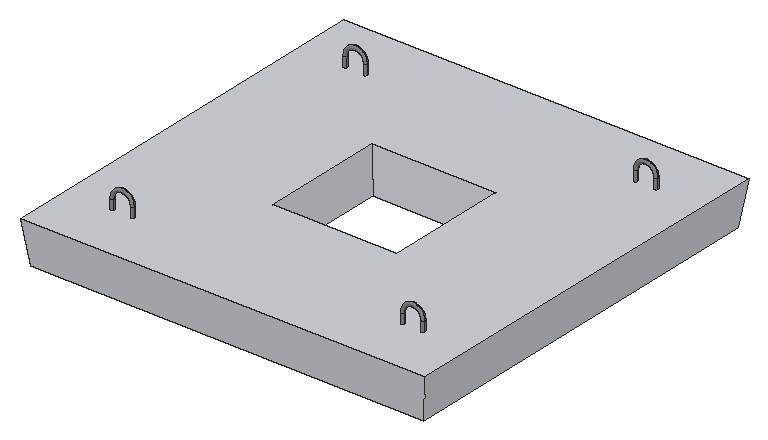
Revit family "110402-00066 Плита ПАКС 1,4х1,4 анкерная колодца связи", category Обобщенные модели, Revit 2019
Family settings
  Может служить основой для арматурных стержней = Нет
  Размер круглого соединителя = Использовать диаметр
  Тип детали = Нормальный
  На основе рабочей плоскости = Нет
  Всегда вертикально = Да
  При загрузке вырезать с полостями = Нет
  Общий = Нет
  Точка расчета площади = Нет
Parameters (values of type "Плита ПАКС 1,4х1,4 анкерная колодца связи ( В15)")
  ADSK_Ширина [instance] = 1400 mm
  ADSK_Ссылка на сайт = "https://www.ssd.ru/plita-paks-1-4kh1-4-ankernaya-kolodtsa-svyazi-v15-kkp-3"
  ADSK_Сертификат соответствия = "https://www.ssd.ru/upload/iblock/fde/sert_b15_0221.pdf"
  ADSK_Наименование = "Плита ПАКС 1,4х1,4 анкерная колодца связи ( В15)"
  ADSK_Масса = "720"
  ADSK_Марка бетона = "В15"
  ADSK_Марка = "ПАКС 1,4х1,4"
  ADSK_Код изделия = "110402-00066"
  ADSK_Изготовитель = "АО СВЯЗЬСТРОЙДЕТАЛЬ"
  ADSK_Длина [instance] = 1400 mm
  ADSK_Высота [instance] = 150 mm
Reference planes
  plane 1 "По центру (Вперед/Назад)": y = 0
  plane 2: z = 0
  plane 3 "По центру (Влево/Вправо)": x = 0
  plane 4: x = -700
  plane 5: x = 700
  plane 6: y = 700
  plane 7: y = -700
  plane 8: z = 150
Forms (mm)
  Extrusion 1, solid
    sketch origin (0, 0, 0) x (1, 0, 0) y (0, 1, 0)
      loop
        line (-700, 700) -> (-700, -700) -> (700, -700) -> (700, 700) -> (-700, 700)
    from 0 to 150
  Blend 2, void
    base sketch origin (0, 0, 0) x (1, 0, 0) y (0, 1, 0)
      loop
        line (200, -200) -> (200, 200) -> (-200, 200) -> (-200, -200) -> (200, -200)
    top sketch origin (0, 0, 0) x (1, 0, 0) y (0, 1, 0)
      loop
        line (-215, 213) -> (-215, -215) -> (215, -215) -> (215, 213) -> (-215, 213)
    from 0 to 150
  Extrusion 3, void
    sketch origin (0, 0, 0) x (1, 0, 0) y (0, 0, 1)
      loop
        line (700, 0) -> (700, 150) -> (680, 0) -> (700, 0)
    from -700 to 700
  Extrusion 4, void
    sketch origin (0, 0, 0) x (-1, 0, 0) y (0, 0, -1)
      loop
        line (700, 0) -> (680, 0) -> (700, -150) -> (700, 0)
    from -700 to 700
  Extrusion 5, void
    sketch origin (0, 0, 0) x (0, 1, 0) y (0, 0, 1)
      loop
        line (700, 0) -> (700, 150) -> (680, 0) -> (700, 0)
    from -700 to 700
  Extrusion 6, void
    sketch origin (0, 0, 0) x (0, -1, 0) y (0, 0, -1)
      loop
        line (700, 0) -> (680, 0) -> (700, -150) -> (700, 0)
    from -700 to 700
  Sweep 7, solid, material "Новый материал (по умолчанию)", detail levels fine
    path origin (-998, 0, 0) x (1, 0, 0) y (0, 0, 1)
      loop
        line (530, 150) -> (530, 185)
        arc (530, 185) -> (495, 220) -> (460, 185) r 35
        line (460, 185) -> (460, 150)
    profile origin (-468, 0, 167.5) x (-1, 0, 0) y (0, -1, 0)
      loop
        circle (0, -504) r 6
  Sweep 8, solid, material "Новый материал (по умолчанию)", detail levels fine
    path origin (998, 0, 0) x (-1, 0, 0) y (0, 0, 1)
      loop
        line (530, 150) -> (530, 185)
        arc (530, 185) -> (495, 220) -> (460, 185) r 35
        line (460, 185) -> (460, 150)
    profile origin (468, 0, 167.5) x (-1, 0, 0) y (0, -1, 0)
      loop
        circle (0, -504) r 6
  Sweep 9, solid, material "Новый материал (по умолчанию)", detail levels fine
    path origin (998, 0, 0) x (-1, 0, 0) y (0, 0, 1)
      loop
        line (530, 150) -> (530, 185)
        arc (530, 185) -> (495, 220) -> (460, 185) r 35
        line (460, 185) -> (460, 150)
    profile origin (468, 0, 167.5) x (1, 0, 0) y (0, 1, 0)
      loop
        circle (0, -504) r 6
  Sweep 10, solid, material "Новый материал (по умолчанию)", detail levels fine
    path origin (-998, 0, 0) x (1, 0, 0) y (0, 0, -1)
      loop
        line (530, -150) -> (530, -185)
        arc (530, -185) -> (495, -220) -> (460, -185) r 35
        line (460, -185) -> (460, -150)
    profile origin (-468, 0, 167.5) x (1, 0, 0) y (0, 1, 0)
      loop
        circle (0, -504) r 6
Cuts and joins
  Blend 2, Extrusion 3, Extrusion 4, Extrusion 5, Extrusion 6 cuts Extrusion 1
Dimensions and locks
  "ADSK_Ширина": plane 4 to plane 5
  equal spacing: plane 4, plane 3 "По центру (Влево/Вправо)", plane 5
  "ADSK_Длина": plane 6 to plane 7
  equal spacing: plane 6, plane 1 "По центру (Вперед/Назад)", plane 7
  "ADSK_Высота": plane 8 to level
  aligned and locked: level to plane 2
  aligned and locked: Extrusion 1 sketch curve to plane 6
  aligned and locked: plane 4 to Extrusion 1 sketch curve
  aligned and locked: plane 7 to Extrusion 1 sketch curve
  aligned and locked: Extrusion 1 sketch curve to plane 5
  aligned and locked: plane 8 to Extrusion 1
  aligned and locked: plane 8 to Blend 2
  aligned and locked: plane 6 to Extrusion 4
  aligned and locked: Extrusion 4 to plane 7
  aligned and locked: plane 6 to Extrusion 3
  aligned and locked: Extrusion 3 to plane 7
  aligned and locked: Extrusion 5 to plane 4
  aligned and locked: plane 5 to Extrusion 5
  aligned and locked: Extrusion 6 to plane 4
  aligned and locked: plane 5 to Extrusion 6
Automatic sketch dimensions
  Blend 2 sketch curve to plane 3 "По центру (Влево/Вправо)" = 200 mm
  plane 3 "По центру (Влево/Вправо)" to Blend 2 sketch curve = 200 mm
  plane 1 "По центру (Вперед/Назад)" to Blend 2 sketch curve = 200 mm
  Blend 2 sketch curve to plane 1 "По центру (Вперед/Назад)" = 200 mm
  Blend 2 sketch curve to plane 3 "По центру (Влево/Вправо)" = 215 mm
  plane 3 "По центру (Влево/Вправо)" to Blend 2 sketch curve = 215 mm
  plane 1 "По центру (Вперед/Назад)" to Blend 2 sketch curve = 215 mm
  Blend 2 sketch curve to plane 1 "По центру (Вперед/Назад)" = 213 mm
  Extrusion 3 sketch curve to level = 0 mm
  Extrusion 3 sketch curve to plane 5 = 0 mm
  Extrusion 3 sketch curve to plane 8 = 0 mm
  Extrusion 3 sketch curve to Extrusion 3 sketch curve = 20 mm
  Extrusion 4 sketch curve to level = 0 mm
  Extrusion 4 sketch curve to plane 4 = 0 mm
  Extrusion 4 sketch curve to plane 8 = 0 mm
  Extrusion 4 sketch curve to Extrusion 4 sketch curve = 20 mm
  Extrusion 5 sketch curve to level = 0 mm
  Extrusion 5 sketch curve to plane 6 = 0 mm
  Extrusion 5 sketch curve to plane 8 = 0 mm
  Extrusion 5 sketch curve to plane 6 = 20 mm
  Extrusion 6 sketch curve to level = 0 mm
  Extrusion 6 sketch curve to plane 7 = 0 mm
  Extrusion 6 sketch curve to plane 8 = 0 mm
  Extrusion 6 sketch curve to plane 7 = 20 mm
  Sweep 7 sketch curve to plane 8 = 0 mm  (x2)
  plane 8 to Sweep 7 sketch curve = 35 mm
  plane 4 to Sweep 7 sketch curve = 162 mm
  Sweep 7 sketch curve to Sweep 7 sketch curve = 35 mm
  Sweep 7 sketch curve to profile plane = 0 mm
  Sweep 7 sketch curve to plane 1 "По центру (Вперед/Назад)" = 504 mm
  Sweep 8 sketch curve to plane 8 = 0 mm  (x2)
  Sweep 8 sketch curve to plane 8 = 35 mm
  plane 5 to Sweep 8 sketch curve = 162 mm
  Sweep 8 sketch curve to Sweep 8 sketch curve = 35 mm
  Sweep 8 sketch curve to profile plane = 0 mm
  Sweep 8 sketch curve to plane 1 "По центру (Вперед/Назад)" = 504 mm
  Sweep 9 sketch curve to plane 8 = 0 mm  (x2)
  plane 8 to Sweep 9 sketch curve = 35 mm
  Sweep 9 sketch curve to plane 5 = 162 mm
  Sweep 9 sketch curve to Sweep 9 sketch curve = 35 mm
  Sweep 9 sketch curve to profile plane = 0 mm
  Sweep 9 sketch curve to profile plane = 504 mm
  Sweep 10 sketch curve to plane 8 = 0 mm  (x2)
  plane 8 to Sweep 10 sketch curve = 35 mm
  plane 4 to Sweep 10 sketch curve = 162 mm
  Sweep 10 sketch curve to Sweep 10 sketch curve = 35 mm
  Sweep 10 sketch curve to profile plane = 0 mm
  Sweep 10 sketch curve to profile plane = 504 mm
  radius of Sweep 7 sketch curve = 6 mm
  radius of Sweep 8 sketch curve = 6 mm
  radius of Sweep 9 sketch curve = 6 mm
  radius of Sweep 10 sketch curve = 6 mm
